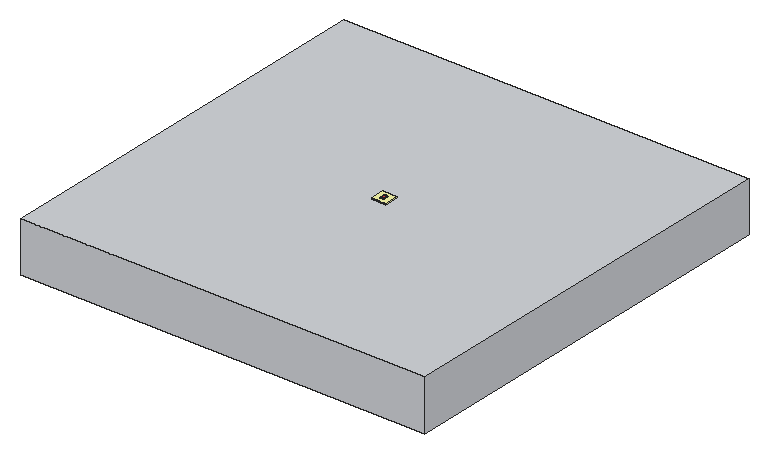
Revit family "EP_Master Switch", category Lighting Devices, host Face, Revit 2013
Parameters
  Voltage = 230 V
  Red Button = Red Button
  Load Classification = Single Socket
  Load = 200 W
  Default Elevation = 1200 mm
Reference planes
  plane 1 "Center (Front/Back)": y = 0
  plane 2: z = 0
  plane 3 "Center (Left/Right)": x = 0
  plane 4: x = -43
  plane 5: x = 43
  plane 6: y = 43
  plane 7: y = -43
  plane 8 "Switch": z = 8
Forms (mm)
  Extrusion 1, solid
    sketch origin (0, 0, 0) x (1, 0, 0) y (0, 1, 0)
      loop
        line (-1219.2, 1219.2) -> (-1219.2, -1219.2) -> (1219.2, -1219.2) -> (1219.2, 1219.2) -> (-1219.2, 1219.2)
    from 0 to -304.8
  Extrusion 2, solid, material "Face Plate"
    sketch origin (0, 0, 0) x (1, 0, 0) y (0, 1, 0)
      loop
        line (-43, -43) -> (43, -43) -> (43, 43) -> (-43, 43) -> (-43, -43)
    from 0 to 8
  Extrusion 3, solid, material "Red Button" <- "Red Button"
    sketch origin (0, 10.755, 0) x (0, -1, 0) y (0, 0, -1)
      loop
        line (-5.202, -8) -> (26.712, -13.339) -> (26.712, -8) -> (-5.202, -8)
    from -8.5 to 8.5
  Extrusion 4, void
    sketch origin (0, 0, 0) x (1, 0, 0) y (0, 1, 0)
      loop
        line (-8.5, -15.957) -> (8.5, -15.957) -> (8.5, 15.957) -> (-8.5, 15.957) -> (-8.5, -15.957)
      loop
        line (-10.5, 17.957) -> (-10.5, -17.957) -> (10.5, -17.957) -> (10.5, 17.957) -> (-10.5, 17.957)
    from 7.5 to 8
Cuts and joins
  Extrusion 4 cuts Extrusion 2
Dimensions and locks
  plane 4 to plane 3 "Center (Left/Right)" to plane 5 = 43 mm, 43 mm
  aligned and locked: plane 2 to Extrusion 1
  aligned and locked: level to Extrusion 1
Nested families
  nested 1: "SW_MS" at (0, 0, 0), type "SW_MS"
Connectors
  electrical at (0, 0, 0), driven by "Voltage", driven by "Load", driven by "Load Classification"
    settings: on cut or joined group of Extrusion 2, Extrusion 4, index 1, voltage 230 V, apparent load 0 W, apparent load phase1 200 W, apparent load phase2 0 W, apparent load phase3 0 W, power factor 1, load classification "Single Socket", number of poles 1, system type 31, power factor state 1, is connector primary yes, connector utility no, sub classification motor no, connector description ""
Definition of nested family "SW_MS"
  Reference planes
    plane 1: y = 0
    plane 2: x = 0
  Lines and regions (mm)
    Filled region 1, type "Filled region 1"
      outline origin (0, 0, 0) x (1, 0, 0) y (0, 1, 0)
        loop
          circle (0, 0.837) r 0.85
    detail lines, style "Switch Symbols"
      curve 1: line (0, 0.837, 0) -> (3.157, 3.994, 0)
  Text (mm)
    text "M" at (-0.088, 3.445, 0)
